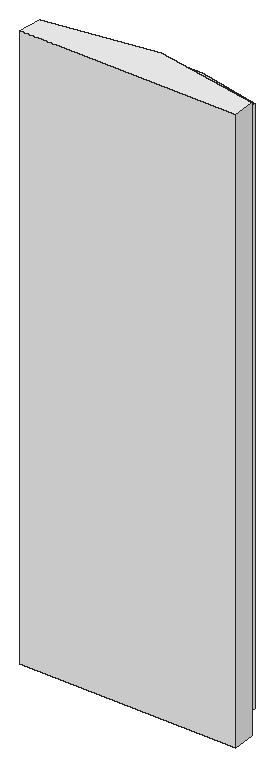
Revit family "JC KONTAKTER JCK211 Armbågskontakt", category Specialty Equipment, host Wall, Revit 2025
Family settings
  Host = Wall
  Round Connector Dimension = Use Diameter
  Part Type = Normal
  Enable Cutting in Views = Yes
  Always vertical = Yes
  Cut with Voids When Loaded = No
  Maintain Annotation Orientation = No
  Shared = No
  Room Calculation Point = No
Parameters (values of type "Armbågskontakt JCK211")
  URL = "https://jckontakter.se/produkt/armbagskontakter/armbagskontakt-jck211/"
  Tillverkningsland = "Sverige"
  Tillvalsförteckning = "https://jckontakter.se/wp-content/uploads/sites/2/Tillval_metall_2024.pdf"
  Tekniskt produktblad = "https://jckontakter.se/wp-content/uploads/2019/06/JCK211.pdf"
  Produktvikt = "0.230 kg"
  Placering av armbågskontakt = "https://jckontakter.se/start/nyheter-och-information/armbagskontakter-placering-riktlinjer/"
  Nominell märkström = "12 V - Resistive 6A Inductive L/R 5ms 6A, 24 V - Resistive 6A Inductive L/R 5ms 5A"
  Model = "JCK211"  # constant formula
  Mikrobrytare = "Standard NO IP67"
  Manufacturer = "JC Kontakter"  # constant formula
  Lägsta märkström = "1mA/4 V DC"
  Core Finish = ABS 750SW (Vit)
  Keynote = ""
  Lid Finish = ABS 750SW (Vit)
  Description = "JCK211 är en tålig armbågskontakt med konvex tryckplatta och taktila rillor som standard. Rillorna underlättar för synsvaga att veta var de ska trycka för att aktivera armbågskontakten.\r\nModellen har vitt lock och vit underdel.\r\nJCK211 levereras med 1st mikrobrytare i IP67, men går även att beställa med fler."  # constant formula
  Default Elevation = 0 mm
  CE Dokument = "https://jckontakter.se/wp-content/uploads/CE_Dokument.pdf"
  Assembly Code = ""
  Antal mikrobrytare = 1
Reference planes
  plane 1 "Wall": y = 0
  plane 2 "Center (Left/Right)": x = 125
  plane 3 "Back": y = 75
  plane 4 "A": z = 800
Lines and regions (mm)
  Masking region 1
    outline origin (0, 0, -100) x (1, 0, 0) y (0, 0, 1)
      loop
        line (175, 1145) -> (75, 1145) -> (75, 900) -> (175, 900) -> (175, 1145)
  symbolic lines
    curve 1: line (75, 125, 0) -> (175, 125, 0)
    curve 2: line (75, 75, 0) -> (75, 125, 0)
    curve 3: line (175, 75, 0) -> (75, 75, 0)
    curve 4: line (175, 125, 0) -> (175, 75, 0)
    curve 5: line (175, 0, 1045) -> (75, 0, 1045)
    curve 6: line (175, 0, 800) -> (175, 0, 1045)
    curve 7: line (75, 0, 800) -> (175, 0, 800)
    curve 8: line (75, 0, 1045) -> (75, 0, 800)
Text (mm)
  text "Placement Side" at (-1848.837, 1116.779, 0), in view "Ref. Level"
  text "Placement side" at (0, 1409.804, 2854.306), in view "Left"
  text "Placement side" at (0, 499.811, 2980.732), in view "Right"
Dimensions and locks
  locked: plane 3 "Back" to host wall
  locked: curve 3 to curve 1 at 50
  aligned and locked: plane 1 "Wall" to host wall
  aligned and locked: nested 1 to plane 3 "Back"
  aligned and locked: curve 3 to plane 3 "Back"
  aligned and locked: plane 4 "A" to curve 7
  aligned and locked: curve 6 to Masking region 1
  aligned and locked: Masking region 1 to curve 8
Nested families
  nested 1: "AK_211" at (125, 75, 800) x (-1, 0, 0) z (0, 0, 1), type "AK_211", detail levels medium+fine
Definition of nested family "AK_211"
  Parameters (values of type "AK_211")
    URL = "https://jckontakter.se/produkt/armbagskontakter/armbagskontakt-jck211/"
    Model = "JCK211"  # constant formula
    Manufacturer = "JC Kontakter"  # constant formula
    Lid Finish = none
    Core Finish = none
    Description = "JCK211 är en tålig armbågskontakt med konvex tryckplatta och taktila rillor som standard. Rillorna underlättar för synsvaga att veta var de ska trycka för att aktivera armbågskontakten.\r\nModellen har vitt lock och vit underdel.\r\nJCK211 levereras med 1st mikrobrytare i IP67, men går även att beställa med fler."  # constant formula
    Default Elevation = 0 mm
  Reference planes
    plane 1 "Center (Front/Back)": y = 0
    plane 2: z = 0
    plane 3 "Center (Left/Right)": x = 0
    plane 4 "1": x = 47.5
    plane 5 "A": z = 5
    plane 6 "B": z = 245
  Forms (mm)
    Extrusion 1, solid, material <- "Core Finish"
      sketch origin (0, 0, 0) x (1, 0, 0) y (0, 1, 0)
        loop
          line (-47.5, 0) -> (-46.5, -10) -> (0, -18) -> (46.5, -10) -> (47.5, 0) -> (-47.5, 0)
      from 0 to 250
    Extrusion 2, void
      sketch origin (0, 0, 0) x (1, 0, 0) y (0, 1, 0)
        loop
          line (-42.5, -4) -> (-42.5, -18.223) -> (42.5, -18.223) -> (42.5, -4) -> (-42.5, -4)
      from 5 to 245
    Extrusion 3, solid, material <- "Lid Finish"
      sketch origin (0, 0, 5) x (-1, 0, 0) y (0, -1, 0)
        loop
          line (-42, 6) -> (42, 6) -> (41.5, 18.145)
          arc (41.5, 18.145) -> (0, 24) -> (-41.5, 18.145) r 150
          line (-41.5, 18.145) -> (-42, 6)
      from 0.5 to 239.5
    Extrusion 4, solid, material <- "Lid Finish"
      sketch origin (0, 0, 5) x (-1, 0, 0) y (0, -1, 0)
        loop
          line (30.48, 20.761) -> (30.656, 21.746) -> (28.687, 22.097) -> (28.511, 21.112) -> (30.48, 20.761)
        loop
          line (24.5, 21.866) -> (24.634, 22.857) -> (22.652, 23.126) -> (22.518, 22.135) -> (24.5, 21.866)
        loop
          line (18.504, 22.704) -> (18.644, 23.694) -> (16.664, 23.975) -> (16.524, 22.985) -> (18.504, 22.704)
        loop
          line (12.5, 23.393) -> (12.5, 24.393) -> (10.5, 24.393) -> (10.5, 23.393) -> (12.5, 23.393)
      from 30 to 210
  Cuts and joins
    Extrusion 2 cuts Extrusion 1
  Dimensions and locks
    aligned and locked: level to plane 2
